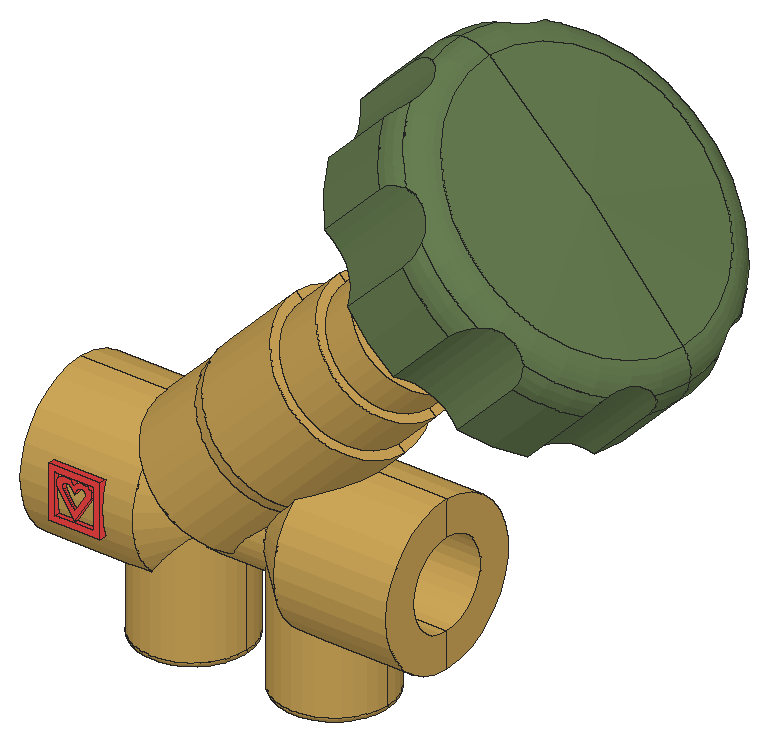
Revit family "Запорный клапан Strömax 4125 WD", category Rohrzubehör, Revit 2021
Family settings
  Bemaßung runder Anschluss = Durchmesser verwenden
  Teiletyp = Unterbricht
  OmniClass-Nummer = 23.65.55.14
  OmniClass-Titel = Valves for Liquid Services
  Arbeitsebenenbasiert = Nein
  Immer vertikal = Ja
  Beim Laden mit Abzugskörper schneiden = Nein
  Gemeinsam genutzt = Nein
Parameters
  Шпиндель = "Латунь CW617N"  # constant formula
  Уплотнение = "EPDM"  # constant formula
  Примечание = "В соответствии со статьей 33 Регламента REACH (Registration; Evaluation; Authorisation; Restriction of Chemicals) (EC № 1907/2006) мы обязаны указать, что свинец внесен в список SVHC (Substances of Very High Concern - вещества очень высокой важности) и весовой процент свинца во всех латунных компонентах заводского изготовления в наших изделиях, превышает 0,1 % (w/w) (CAS: 7439-92-1 / EINECS: 231-100-4).\r\nПоскольку свинец является легирующим компонентом сплава, прямое негативное влияние исключается, и поэтому дополнительной информации о безопасном использовании не требуется."
  Область применения = "Для перекрытия трубопроводов в системе питьевого водоснабжения в зданиях."
  Номер заказа [instance] = size_lookup("4125WD_", "Artnr", 0, Nennweite)  # 2412561
  Маховик = "пластик, цвет маховика - зеленый"  # constant formula
  Макс. рабочее давление = 2000000.0 Pa  # constant formula
  Макс. рабочая температура = 80 °C  # constant formula
  Корпус = "литая латунь, устойчивая к селективной цинковой коррозии, CC770S"  # constant formula
  Конус = "латунь, устойчивая к селективной цинковой коррозии, CW626N"  # constant formula
  Букса = "латунь, устойчивая к селективной цинковой коррозии, CW626N"  # constant formula
  W01 = 45.00°  # constant formula
  Vorgabe-Ansicht = 0 mm
  URL = "www.herz-armaturen.ru"
  Технически возможная область применения = " "  # constant formula
  SW01 = 60.00°  # constant formula
  SC_NennweiteBerechnet = 0
  SC_Dimension = ""
  SCTWSEQ = "FW_SBT_TYP_FW=\"109\";2"
  SCTWCODE = "04;00;02"  # constant formula
  S03 = 60 mm  # constant formula
  S02 [instance] = L06 + L09 + L12 + L15  # 77.9 mm
  S01 [instance] = R01 * 2  # 27 mm
  R12 [instance] = R01 - 1 mm  # 12.5 mm
  R11 [instance] = size_lookup("4125WD_", "R11", 46.5 mm, Nennweite)  # 5.1 mm
  R100 = 1 mm  # constant formula
  R10 [instance] = size_lookup("4125WD_", "R10", 46.5 mm, Nennweite)  # 8 mm
  R09 [instance] = size_lookup("4125WD_", "R9", 46.5 mm, Nennweite)  # 10.5 mm
  R08 [instance] = size_lookup("4125WD_", "R8", 46.5 mm, Nennweite)  # 12 mm
  R07 [instance] = size_lookup("4125WD_", "R7", 46.5 mm, Nennweite)  # 13.5 mm
  R06 [instance] = size_lookup("4125WD_", "R6", 43 mm, Nennweite)  # 13 mm
  R05 [instance] = Nennweite / 2  # 7.5 mm
  R03 = 9.5 mm  # constant formula
  R02 [instance] = Nennweite / 2  # 7.5 mm
  R01 [instance] = size_lookup("4125WD_", "R1", 11.5 mm, Nennweite)  # 13.5 mm
  Nennweite [instance] = 15 mm
  Мин. расход при Dp 10 кПа [instance] = if(Nennweite = 15 mm, 0.5 L/s, if(Nennweite = 20 mm, 1.0 L/s, if(Nennweite = 25 mm, 1.75 L/s, if(Nennweite = 32 mm, 3.0 L/s, if(Nennweite = 40 mm, 4.0 L/s, if(Nennweite = 50 mm, 6.75 L/s, if(Nennweite = 65 mm, 11.0 L/s, if(Nennweite = 80 mm, 16.0 L/s, 0.0 L/s))))))))  # 0.5 L/s
  Среда = "Питьевая вода"  # constant formula
  Макс. рабочая температура (в рамках ÖVGW-сертификации) = 65 °C  # constant formula
  Макс. перепад давления на закрытом седле = 1000000.0 Pa  # constant formula
  Макс. рабочее давление (в рамках ÖVGW-сертификации) = 1000000.0 Pa  # constant formula
  L16 [instance] = L01 / 2  # 10 mm
  L15 [instance] = size_lookup("4125WD_", "L15", 12.4 mm, Nennweite)  # 12.4 mm
  L14 [instance] = size_lookup("4125WD_", "L14", 81 mm, Nennweite)  # 6 mm
  L12 [instance] = size_lookup("4125WD_", "L12", 81 mm, Nennweite)  # 26 mm
  L11 [instance] = size_lookup("4125WD_", "L11", 60 mm, Nennweite)  # 6.7 mm
  L10 [instance] = size_lookup("4125WD_", "L10", 20 mm, Nennweite)  # 9.3 mm
  L09 [instance] = size_lookup("4125WD_", "L9", 11 mm, Nennweite)  # 17 mm
  L08 [instance] = size_lookup("4125WD_", "L8", 35 mm, Nennweite)  # 20 mm
  L07 [instance] = size_lookup("4125WD_", "L7", 35 mm, Nennweite)  # 12.5 mm
  L06 [instance] = size_lookup("4125WD_", "L6", 118 mm, Nennweite) - L09  # 22.5 mm
  L03 = 15 mm  # constant formula
  L02 [instance] = size_lookup("4125WD_", "L2", 22 mm, Nennweite)  # 6 mm
  L01 [instance] = size_lookup("4125WD_", "L1", 48 mm, Nennweite)  # 20 mm
  L00 [instance] = size_lookup("4125WD_", "L", 180 mm, Nennweite)  # 65 mm
  Hersteller = "HERZ Armaturen Ges.m.b.H."  # constant formula
  H01 [instance] = size_lookup("4125WD_", "H1", 53 mm, Nennweite)  # 24 mm
  Незапланированные повышения температуры = "до  95 °C, продолжительностью не более 1 часа"  # constant formula
  DN80 [instance] = Nennweite = 80 mm  # no
  DN65 [instance] = Nennweite = 65 mm  # no
  DN50 [instance] = Nennweite = 50 mm  # no
  DN40 [instance] = Nennweite = 40 mm  # no
  DN32 [instance] = Nennweite = 32 mm  # no
  DN25 [instance] = Nennweite = 25 mm  # no
  DN20 [instance] = Nennweite = 20 mm  # no
  DN15 [instance] = Nennweite = 15 mm  # yes
Reference planes
  plane 1 "Mitte (Vorne/hinten)": y = 0
  plane 2: z = 0
  plane 3 "Mitte (Links/rechts)": x = 0
Forms (mm)
  Revolve 1, solid, material "Messing, weicher Gelbton, geschweißt", detail levels fine
    sketch origin (470, 0, 0) x (1, 0, 0) y (0, 0, 1)
      loop
        line (-502.5, 7.5) -> (-487.5, 7.5) -> (-487.5, 0) -> (-452.5, 0) -> (-452.5, 7.5) -> (-437.5, 7.5) -> (-437.5, 13.5) -> (-457.5, 13.5) -> (-464, 7.5) -> (-476, 7.5) -> (-482.5, 13.5) -> (-502.5, 13.5) -> (-502.5, 7.5)
      axis (-502.5, 0) -> (-437.5, 0)
    angle from 0 to 360
  Revolve 2, solid, material "Messing, weicher Gelbton, geschweißt", detail levels fine
    sketch origin (470, 0, 0) x (1, 0, 0) y (0, 0, 1)
      loop
        line (-492, 0) -> (-492, -23)
        arc (-492, -23) -> (-491.707, -23.707) -> (-491, -24) r 1
        line (-491, -24) -> (-482.5, -24) -> (-482.5, 0) -> (-492, 0)
      axis (-482.5, 0) -> (-482.5, -24)
    angle from 0 to 360
  Revolve 3, solid, material "Messing, weicher Gelbton, geschweißt", detail levels fine
    sketch origin (-470, 0, 0) x (-1, 0, 0) y (0, 0, 1)
      loop
        line (-492, 0) -> (-492, -23)
        arc (-492, -23) -> (-491.707, -23.707) -> (-491, -24) r 1
        line (-491, -24) -> (-482.5, -24) -> (-482.5, 0) -> (-492, 0)
      axis (-482.5, 0) -> (-482.5, -24)
    angle from 0 to 360
  Revolve 4, solid, material "Messing, weicher Gelbton, geschweißt", detail levels fine
    sketch origin (0.32, 0, -0.105) x (1, 0, 0) y (0, 0, 1)
      loop
        line (-12.82, 0) -> (42.264, 55.084) -> (38.657, 58.69) -> (29.889, 49.922) -> (27.839, 51.972) -> (20.767, 44.901) -> (19, 46.669) -> (14.262, 41.931) -> (13.201, 42.992) -> (6.625, 36.416) -> (5.565, 37.477) -> (-6.456, 25.456) -> (-7.87, 23.335) -> (-17.77, 13.435) -> (-18.123, 5.303) -> (-12.82, 0)
      axis (-12.82, 0) -> (42.264, 55.084)
    angle from 0 to 360
Lines and regions (mm)
  model lines, detail levels coarse+medium
    curve 1: line (-32.5, 0, 13.5) -> (-32.5, 0, -13.5)
    curve 2: line (-32.5, 0, -13.5) -> (32.5, 0, 13.5)
    curve 3: line (32.5, 0, 13.5) -> (32.5, 0, -13.5)
    curve 4: line (32.5, 0, -13.5) -> (-32.5, 0, 13.5)
    curve 5: line (0, 0, 0) -> (38.95, 0, 67.463)
    curve 6: line (12.969, 0, 82.463) -> (64.931, 0, 52.463)
    curve 7: line (-32.5, 13.5, 0) -> (-32.5, -13.5, 0)
    curve 8: line (-32.5, -13.5, 0) -> (32.5, 13.5, 0)
    curve 9: line (32.5, 13.5, 0) -> (32.5, -13.5, 0)
    curve 10: line (32.5, -13.5, 0) -> (-32.5, 13.5, 0)
    curve 11: line (0, 0, 0) -> (38.95, 67.463, 0)
    curve 12: line (12.969, 82.463, 0) -> (64.931, 52.463, 0)
Dimensions and locks
  "H01": plane 2 to Revolve 2 sketch curve
  "L00": Revolve 1 sketch curve to Revolve 1 sketch curve
  equal spacing: Revolve 1 sketch curve, plane 3 "Mitte (Links/rechts)", Revolve 1 sketch curve
  "R01": Revolve 1 sketch curve to Revolve 1 sketch curve  (x2)
  "R02": Revolve 1 sketch curve to Revolve 1 sketch curve  (x3)
  "L01": Revolve 1 sketch curve to Revolve 1 sketch curve  (x2)
  "L02": plane 3 "Mitte (Links/rechts)" to Revolve 1 sketch curve
  "L02": Revolve 1 sketch curve to plane 3 "Mitte (Links/rechts)"
  "L03": Revolve 1 sketch curve to Revolve 1 sketch curve  (x2)
  "L01": Revolve 1 to Revolve 2 sketch curve
  "R03": Revolve 2 sketch curve to Revolve 2 sketch curve
  "L01": Revolve 3 sketch curve to Revolve 1
  "R03": Revolve 3 sketch curve to Revolve 3 sketch curve
  "H01": plane 2 to Revolve 3 sketch curve
  "R07": Revolve 4 sketch curve to Revolve 4 sketch curve
  "L07": plane 3 "Mitte (Links/rechts)" to Revolve 4 sketch curve
  "R05": Revolve 4 sketch curve to Revolve 4 sketch curve
  "L06": Revolve 4 sketch curve to Revolve 4 sketch curve
  "L08": Revolve 4 sketch curve to Revolve 4 sketch curve
  "R06": Revolve 4 sketch curve to Revolve 4 sketch curve
  "L14": Revolve 4 sketch curve to Revolve 4 sketch curve
  "L09": Revolve 4 sketch curve to Revolve 4 sketch curve
  "R08": Revolve 4 sketch curve to Revolve 4 sketch curve
  "L10": Revolve 4 sketch curve to Revolve 4 sketch curve
  "R09": Revolve 4 sketch curve to Revolve 4 sketch curve
  "R10": Revolve 4 sketch curve to Revolve 4 sketch curve
  "L12": Revolve 4 sketch curve to Revolve 4 sketch curve
  "R11": Revolve 4 sketch curve to Revolve 4 sketch curve
  "L15": Revolve 4 sketch curve to Revolve 4 sketch curve
  "L11": Revolve 4 sketch curve to Revolve 4 sketch curve
  "R12": nested 9 to plane 1 "Mitte (Vorne/hinten)"
  "L16": Revolve 1 to nested 9
  equal spacing: curve 1, plane 3 "Mitte (Links/rechts)", curve 3
  "L00": curve 1 to curve 3
  equal spacing: curve 4, plane 2, curve 2
  "S01": curve 4 to curve 2
  equal spacing: curve 3, plane 2, curve 4
  "S01": curve 3 to curve 4
  "S02": curve 5 to curve 5
  equal spacing: curve 6, curve 5, curve 6
  "S03": curve 6 to curve 6
  equal spacing: curve 7, plane 3 "Mitte (Links/rechts)", curve 9
  "L00": curve 7 to curve 9
  equal spacing: curve 8, plane 1 "Mitte (Vorne/hinten)", curve 10
  "S01": curve 10 to curve 8
  equal spacing: curve 10, plane 1 "Mitte (Vorne/hinten)", curve 9
  "S01": curve 9 to curve 10
  "S02": curve 11 to curve 11
  equal spacing: curve 12, curve 11, curve 12
  "S03": curve 12 to curve 12
  "R100": radius of Revolve 2 sketch curve
  "R100": radius of Revolve 3 sketch curve
  "W01": angle plane 2 to Revolve 4 sketch curve
  "W01": angle level to Revolve 4 sketch curve
  "SW01": angle plane 2 to curve 5
  "SW01": angle plane 1 "Mitte (Vorne/hinten)" to curve 11
  aligned and locked: level to plane 2
Automatic sketch dimensions
  curve 5 to level = 0 mm
  plane 1 "Mitte (Vorne/hinten)" to curve 11 = 0 mm
  Revolve 1 sketch curve to level = 0 mm  (x2)
  Revolve 1 sketch curve to Revolve 1 sketch curve = 791.99 mm
  Revolve 1 sketch curve to Revolve 1 sketch curve = 2278.983 mm
  Revolve 2 sketch curve to level = 0 mm  (x2)
  Revolve 2 sketch curve to Revolve 2 sketch curve = 0 mm
  Revolve 2 sketch curve to Revolve 2 sketch curve = 0.292 mm
  Revolve 3 sketch curve to level = 0 mm  (x2)
  Revolve 3 sketch curve to Revolve 3 sketch curve = 0 mm
  Revolve 3 sketch curve to Revolve 3 sketch curve = 0.292 mm
  Revolve 4 sketch curve to level = 0.105 mm
  Revolve 4 sketch curve to Revolve 4 sketch curve = 0 mm  (x2)
Nested families
  nested 1: "Strömax-Handrad_Schrägsitz (Grün)" at (42.584, 0, 54.979), visible <- "DN15", type "Strömax-Handrad_Schrägsitz (Grün)", detail levels fine
    with Nennweite 0 mm, Gewicht 0.00 kg, Bestellnummer 0
  nested 2: "Strömax-Handrad_Schrägsitz (Grün)" at (54.312, 0, 67.707), visible <- "DN20", type "Strömax-Handrad_Schrägsitz (Grün)", detail levels fine
    with Nennweite 0 mm, Gewicht 0.00 kg, Bestellnummer 0
  nested 3: "Strömax-Handrad_Schrägsitz (Grün)" at (62.469, 0, 80.364), visible <- "DN25", type "Strömax-Handrad_Schrägsitz (Grün)", detail levels fine
    with Nennweite 0 mm, Gewicht 0.00 kg, Bestellnummer 0
  nested 4: "Strömax-Handrad_Schrägsitz (Grün)" at (71.712, 0, 91.607), visible <- "DN32", type "Strömax-Handrad_Schrägsitz (Grün)", detail levels fine
    with Nennweite 0 mm, Gewicht 0.00 kg, Bestellnummer 0
  nested 5: "Strömax-Handrad_Schrägsitz (Grün)" at (80.399, 0, 101.294), visible <- "DN40", type "Strömax-Handrad_Schrägsitz (Grün)", detail levels fine
    with Nennweite 0 mm, Gewicht 0.00 kg, Bestellnummer 0
  nested 6: "Strömax-Handrad_Schrägsitz (Grün)" at (97.83, 0, 129.225), visible <- "DN50", type "Strömax-Handrad_Schrägsitz (Grün)", detail levels fine
    with Nennweite 0 mm, Gewicht 0.00 kg, Bestellnummer 0
  nested 7: "Strömax-Handrad_Schrägsitz (Grün)" at (114.482, 0, 149.378), visible <- "DN65", type "Strömax-Handrad_Schrägsitz (Grün)", detail levels fine
    with Nennweite 0 mm, Gewicht 0.00 kg, Bestellnummer 0
  nested 8: "Strömax-Handrad_Schrägsitz (Grün)" at (140.423, 0, 183.319), visible <- "DN80", type "Strömax-Handrad_Schrägsitz (Grün)", detail levels fine
    with Nennweite 0 mm, Gewicht 0.00 kg, Bestellnummer 0
  nested 9: "Herz-Logo-vorne" at (-22.5, -13.232, 0) x (0, 1, 0) z (0, 0, 1), type "Herz-Logo-vorne", detail levels fine
Connectors
  piping at (-17.5, 0, 0), diameter 15, driven by "Nennweite"
    settings: on Revolve 1, index 1, connector inside diameter 609.6 mm, connector length 0 mm, flow factor 0, pipe flow 0.0 L/s, pressure drop 0.0 Pa, fitting loss kfactor 0, connector angle 0.00°, fixture units 0, engagement length 0 mm, angle of deflection 0.00°, flow configuration 0, flow direction 1, fitting loss method 0, system type 29, joint type 0, gender type 0, connector reference index -1, connector utility 0, adjustable connector no, is connector primary yes, connector description ""
  piping at (17.5, 0, 0), diameter 15, driven by "Nennweite"
    settings: on Revolve 1, index 2, connector inside diameter 609.6 mm, connector length 0 mm, flow factor 0, pipe flow 0.0 L/s, pressure drop 0.0 Pa, fitting loss kfactor 0, connector angle 0.00°, fixture units 0, engagement length 0 mm, angle of deflection 0.00°, flow configuration 0, flow direction 2, fitting loss method 0, system type 29, joint type 0, gender type 0, connector reference index -1, connector utility 0, adjustable connector no, is connector primary no, connector description ""
Definition of nested family "Strömax-Handrad_Schrägsitz (Grün)"
  Parameters (values of type "Strömax-Handrad_Schrägsitz (Grün)")
    Default Elevation = 0 mm
    URL = "www.herz-armaturen.at"
    Nennweite [instance] = 0 mm
    Manufacturer = "Herz Armaturen GmbH"  # constant formula
    Gewicht [instance] = 0.00 kg
    Bestellnummer [instance] = 0
  Reference planes
    plane 1 "Mitte (Vorne/hinten)": y = 0
    plane 2: z = 0
    plane 3 "Mitte (Links/rechts)": x = 0
  Forms (mm)
    Revolve 1, solid
      sketch origin (0, 0, 0) x (0.707107, 0, -0.707107) y (0.707107, 0, 0.707107)
        loop
          line (0, 0) -> (0, 22)
          arc (0, 22) -> (-12.15, 21.705) -> (-24.271, 20.819) r 250
          arc (-24.271, 20.819) -> (-26.831, 19.959) -> (-28.754, 18.063) r 6
          arc (-28.754, 18.063) -> (-29.682, 16.008) -> (-30, 13.776) r 8
          line (-30, 13.776) -> (-30, 0) -> (0, 0)
        axis (0, 22) -> (0, 0)
      angle from 0 to 360
    Extrusion 2, void
      sketch origin (0, 0, 0) x (0.707107, 0, -0.707107) y (0, 1, 0)
        loop
          circle (14.351, -34.645) r 10
      from 0 to 22
    Extrusion 3, void
      sketch origin (0, 0, 0) x (-0.707107, 0, 0.707107) y (0, -1, 0)
        loop
          circle (14.351, 34.645) r 10
      from 0 to 22
    Extrusion 4, void
      sketch origin (0, 0, 0) x (0, -1, 0) y (0.707107, 0, -0.707107)
        loop
          circle (14.351, 34.645) r 10
      from 0 to 22
    Extrusion 5, void
      sketch origin (0, 0, 0) x (0, 1, 0) y (-0.707107, 0, 0.707107)
        loop
          circle (14.351, -34.645) r 10
      from 0 to 22
    Extrusion 6, void
      sketch origin (0, 0, 0) x (0, -1, 0) y (0.707107, 0, -0.707107)
        loop
          circle (14.351, -34.645) r 10
      from 0 to 22
    Extrusion 7, void
      sketch origin (0, 0, 0) x (0, 1, 0) y (-0.707107, 0, 0.707107)
        loop
          circle (14.351, 34.645) r 10
      from 0 to 22
    Extrusion 8, void
      sketch origin (0, 0, 0) x (0.707107, 0, -0.707107) y (0, 1, 0)
        loop
          circle (14.351, 34.645) r 10
      from 0 to 22
    Extrusion 9, void
      sketch origin (0, 0, 0) x (-0.707107, 0, 0.707107) y (0, -1, 0)
        loop
          circle (14.351, -34.645) r 10
      from 0 to 22
  Cuts and joins
    Extrusion 2, Extrusion 3, Extrusion 4, Extrusion 5, Extrusion 6, Extrusion 7, Extrusion 8, Extrusion 9 cuts Revolve 1
  Dimensions and locks
    aligned and locked: level to plane 2
Definition of nested family "Herz-Logo-vorne"
  Parameters (values of type "Herz-Logo-vorne")
    Default Elevation = 0 mm
  Reference planes
    plane 1 "Mitte (Vorne/hinten)": y = 0
    plane 2: z = 0
    plane 3 "Mitte (Links/rechts)": x = 0
  Forms (mm)
    Extrusion 1, solid
      sketch origin (0.732, -0.018, 0.017) x (0, -1, 0) y (0, 0, 1)
        loop
          line (-0.018, -4.517) -> (4.482, -4.517) -> (4.482, 4.483) -> (-4.518, 4.483) -> (-4.518, -4.517) -> (-0.018, -4.517)
        loop
          line (-0.05, -3.48) -> (3.482, -3.48) -> (3.482, 3.483) -> (-3.518, 3.483) -> (-3.518, -3.48) -> (-0.05, -3.48)
        loop
          arc (-0.018, 2.383) -> (-1.543, 3.287) -> (-3.067, 2.383) r 1.738
          arc (-3.067, 2.383) -> (-3.191, 1.899) -> (-3.067, 1.415) r 1.009
          line (-3.067, 1.415) -> (-0.018, -3.281) -> (3.032, 1.415)
          arc (3.032, 1.415) -> (3.156, 1.899) -> (3.032, 2.383) r 1.009
          arc (3.032, 2.383) -> (1.507, 3.287) -> (-0.018, 2.383) r 1.738
        loop
          arc (1.885, 1.272) -> (2.005, 1.675) -> (1.885, 2.079) r 0.74
          arc (1.885, 2.079) -> (1.265, 2.416) -> (0.644, 2.079) r 0.74
          line (0.644, 2.079) -> (-0.018, 0.97) -> (-0.679, 2.079)
          arc (-0.679, 2.079) -> (-1.3, 2.416) -> (-1.921, 2.079) r 0.74
          arc (-1.921, 2.079) -> (-2.04, 1.675) -> (-1.921, 1.272) r 0.74
          line (-1.921, 1.272) -> (-0.018, -1.658) -> (1.885, 1.272)
      from 0 to 1.5
  Dimensions and locks
    aligned and locked: level to plane 2
